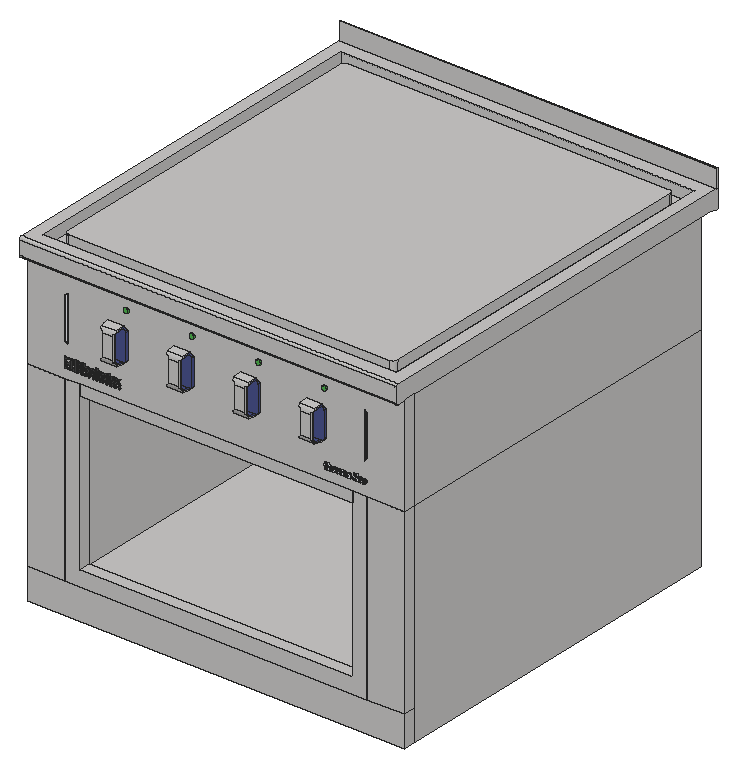
Revit family "QF_ELECTROLUXPROFESSIONAL_588682_MBLCGBHDAO", category Attrezzature speciali, Revit 2021
Family settings
  Quota connettore circolare = Usa diametro
  Tipo di parte = Normale
  Basato su piano di lavoro = No
  Sempre verticale = Sì
  Taglio con vuoti quando caricato = No
  Condiviso = No
  Punto di calcolo locali = No
Parameters (values of type "Standard")
  Weight = 145.00 kg
  Watts = 12000 W
  Volts = 400 V
  URL Manufacturer = "https://www.electroluxprofessional.com/"
  URL = "https://www.electroluxprofessional.com/"
  Steam Supply Size = 0"
  Steam Supply Minimum Pressure = 0.00 psi
  Steam Supply Maximum Pressure = 0.00 psi
  Steam Consumption per Hour = 0
  Refrigeration Suction Line Size = 0 mm
  Refrigeration Liquid Line Size = 0 mm
  Refrigerant Compressor Remote = yes
  Prospetto di default = 0 mm
  Phase = 3
  Modello = "MBLCGBHDAO"
  Produttore = "Electrolux Professional"
  Length Actual = 800 mm  # constant formula
  Item Number = "588682"
  Hot Water Size = 0"
  Height Actual = 700 mm  # constant formula
  HP = "16.1 HP"
  Gas Size = 0"
  Gas KW = 0
  Gas Input Pressure = 0.0 Btu/h
  Direct Waste Size = 0"
  Descrizione = "EL.SOLID TOP,4 ZONE,1S,BSPL,800X850X700H"
  Depth Actual = 850 mm  # constant formula
  Cycle = 50 Hz
  Condensate Return Size = 0"
  Compressed Air Volume = 0 GPM
  Compressed Air Size = 0"
  Compressed Air Pressure = 0.00 psi
  Cold Water Size = 0"
  Accessory = yes
Reference planes
  plane 1 "BACK": y = 50
  plane 2: z = 0
  plane 3 "LEFT": x = 0
  plane 4 "RIGHT": x = 800
  plane 5 "FRONT": y = -800
  plane 6 "TOP": z = 900
  plane 7 "Center (Left/Right)": x = 400
  plane 8: y = -375
  plane 9: z = 200
  plane 10: y = -150
  plane 11 "Panel": y = -755
  plane 12: z = 798
  plane 13: z = 1327
  plane 14: x = 78
  plane 15: x = 722
  plane 16: y = -100
  plane 17: y = -600
  plane 18 "EIx": x = 755
  plane 19 "EIy": y = -585
Forms (mm)
  Extrusion 1, solid, material "QF_Finishes_Stainless Steel"
    sketch origin (-178.969, -4572, 200) x (-1, 0, 0) y (0, -1, 0)
      loop
        line (-178.969, -4577) -> (-178.969, -3817) -> (-978.969, -3817) -> (-978.969, -4577) -> (-178.969, -4577)
    from 450 to 662.969
  Extrusion 2, solid, material "QF_Finishes_Stainless Steel"
    sketch origin (-588.969, -4562, 200) x (-1, 0, 0) y (0, -1, 0)
      loop
        circle (-1343.969, -3977) r 6.35
    from 0 to -11.851
  Extrusion 3, solid, material "QF_Finishes_Stainless Steel"
    sketch origin (400, 296.4, 1219.2) x (0, 1, 0) y (0, 0, 1)
      loop
        line (-246.4, -319.2) -> (-1091.4, -319.2)
        arc (-1091.4, -319.2) -> (-1094.935, -320.664) -> (-1096.4, -324.2) r 5
        line (-1096.4, -324.2) -> (-1096.4, -355.2)
        arc (-1096.4, -355.2) -> (-1094.971, -358.264) -> (-1091.705, -359.139) r 4
        line (-1091.705, -359.139) -> (-1076.4, -356.231) -> (-266.4, -356.231) -> (-251.094, -359.139)
        arc (-251.094, -359.139) -> (-247.829, -358.264) -> (-246.4, -355.2) r 4
        line (-246.4, -355.2) -> (-246.4, -319.2)
    from -400 to 400
  Extrusion 4, solid, material "QF_Finishes_Stainless Steel"
    sketch origin (0, 0, 900) x (-1, 0, 0) y (0, -1, 0)
      loop
        arc (-60, 5) -> (-52.929, 7.929) -> (-50, 15) r 10
        line (-50, 15) -> (-50, 735)
        arc (-50, 735) -> (-52.929, 742.071) -> (-60, 745) r 10
        line (-60, 745) -> (-740, 745)
        arc (-740, 745) -> (-747.071, 742.071) -> (-750, 735) r 10
        line (-750, 735) -> (-750, 15)
        arc (-750, 15) -> (-747.071, 7.929) -> (-740, 5) r 10
        line (-740, 5) -> (-60, 5)
    from 0 to -20
  Extrusion 5, void
    sketch origin (0, 0, 900) x (-1, 0, 0) y (0, -1, 0)
      loop
        line (-25, 770) -> (-775, 770) -> (-775, -20) -> (-25, -20) -> (-25, 770)
    from 0 to -25
  Extrusion 6, solid, material "QF_Finishes_Stainless Steel"
    sketch origin (400, 296.4, 1219.2) x (0, 1, 0) y (0, 0, 1)
      loop
        line (-249.4, -319.2) -> (-246.4, -319.2) -> (-246.4, -281.2) -> (-249.4, -281.2) -> (-249.4, -319.2)
    from -400 to 400
Cuts and joins
  Extrusion 5 cuts Extrusion 3
Lines and regions (mm)
  symbolic lines
    curve 1: line (0, 50, 200) -> (800, 50, 200)
    curve 2: line (0, -800, 200) -> (0, 50, 200)
    curve 3: line (800, -800, 200) -> (0, -800, 200)
    curve 4: line (800, 50, 200) -> (800, -800, 200)
    curve 5: line (740, -5, 200) -> (60, -5, 200)
    curve 6: line (50, -15, 200) -> (50, -735, 200)
    curve 7: line (60, -745, 200) -> (740, -745, 200)
    curve 8: line (750, -735, 200) -> (750, -15, 200)
    curve 9: arc (60, -5, 200) -> (52.929, -7.929, 200) -> (50, -15, 200) r 10
    curve 10: arc (750, -15, 200) -> (747.071, -7.929, 200) -> (740, -5, 200) r 10
    curve 11: arc (740, -745, 200) -> (747.071, -742.071, 200) -> (750, -735, 200) r 10
    curve 12: arc (50, -735, 200) -> (52.929, -742.071, 200) -> (60, -745, 200) r 10
    curve 13: line (0, 47, 0) -> (800, 47, 0)
  model lines, style "SpecialityEquipment"
    curve 14: arc (584.009, -160.989, 900) -> (530.976, -289.022, 900) -> (659.009, -235.989, 900) r 75
    curve 15: line (639.009, -235.989, 900) -> (679.009, -235.989, 900)
    curve 16: line (679.009, -235.989, 900) -> (659.009, -215.989, 900)
    curve 17: line (639.009, -235.989, 900) -> (659.009, -215.989, 900)
    curve 18: arc (216.009, -160.989, 900) -> (162.976, -289.022, 900) -> (291.009, -235.989, 900) r 75
    curve 19: line (271.009, -235.989, 900) -> (311.009, -235.989, 900)
    curve 20: line (311.009, -235.989, 900) -> (291.009, -215.989, 900)
    curve 21: line (271.009, -235.989, 900) -> (291.009, -215.989, 900)
    curve 22: arc (584.009, -488.989, 900) -> (530.976, -617.022, 900) -> (659.009, -563.989, 900) r 75
    curve 23: line (639.009, -563.989, 900) -> (679.009, -563.989, 900)
    curve 24: line (679.009, -563.989, 900) -> (659.009, -543.989, 900)
    curve 25: line (639.009, -563.989, 900) -> (659.009, -543.989, 900)
    curve 26: arc (216.009, -488.989, 900) -> (162.976, -617.022, 900) -> (291.009, -563.989, 900) r 75
    curve 27: line (271.009, -563.989, 900) -> (311.009, -563.989, 900)
    curve 28: line (311.009, -563.989, 900) -> (291.009, -543.989, 900)
    curve 29: line (271.009, -563.989, 900) -> (291.009, -543.989, 900)
Dimensions and locks
  plane 3 "LEFT" to plane 4 "RIGHT" = 800 mm
  plane 5 "FRONT" to plane 1 "BACK" = 850 mm
  equal spacing: plane 3 "LEFT", plane 7 "Center (Left/Right)", plane 4 "RIGHT"
  equal spacing: plane 5 "FRONT", plane 8, plane 1 "BACK"
  plane 6 "TOP" to level = 900 mm  (x2)
  plane 9 to level = 200 mm
  plane 1 "BACK" to plane 10 to plane 11 "Panel" = 200 mm, 605 mm  (x2)
  plane 6 "TOP" to plane 9 to level = 700 mm, 200 mm
  plane 1 "BACK" to plane 5 "FRONT" = 850 mm
  plane 1 "BACK" to Extrusion 2 = 635 mm
  plane 12 to plane 9 = 598 mm
  plane 13 to plane 6 "TOP" = 427 mm
  plane 6 "TOP" to plane 12 = 102 mm
  plane 14 to plane 3 "LEFT" = 78 mm
  plane 15 to plane 4 "RIGHT" = 78 mm
  locked: plane 1 "BACK" to plane 16 at 150
  locked: plane 16 to plane 17 at 500
  plane 11 "Panel" to plane 5 "FRONT" = 45 mm
  plane 18 "EIx" to plane 4 "RIGHT" = 45 mm
  plane 19 "EIy" to plane 1 "BACK" = 635 mm
  aligned and locked: level to plane 2
  aligned and locked: Extrusion 1 to nested 2
Automatic sketch dimensions
  Extrusion 2 sketch curve to plane 18 "EIx" = 0 mm
  Extrusion 2 sketch curve to plane 19 "EIy" = 0 mm
  Extrusion 3 sketch curve to plane 5 "FRONT" = 0 mm
  Extrusion 3 sketch curve to plane 6 "TOP" = 0 mm
  Extrusion 3 sketch curve to plane 1 "BACK" = 0 mm
  Extrusion 3 sketch curve to plane 5 "FRONT" = 4 mm
  Extrusion 3 sketch curve to Extrusion 3 sketch curve = 0.695 mm
  Extrusion 3 sketch curve to plane 5 "FRONT" = 5 mm
  Extrusion 3 sketch curve to Extrusion 3 sketch curve = 15.305 mm
  plane 1 "BACK" to Extrusion 3 sketch curve = 20 mm
  plane 1 "BACK" to Extrusion 3 sketch curve = 4.695 mm
  Extrusion 3 sketch curve to Extrusion 3 sketch curve = 4 mm
  Extrusion 3 sketch curve to Extrusion 3 sketch curve = 31 mm
  Extrusion 3 sketch curve to plane 6 "TOP" = 36 mm
  Extrusion 3 sketch curve to Extrusion 3 sketch curve = 2.909 mm
  Extrusion 4 sketch curve to plane 15 = 28 mm
  plane 14 to Extrusion 4 sketch curve = 28 mm
  Extrusion 4 sketch curve to plane 15 = 18 mm  (x2)
  Extrusion 4 sketch curve to Extrusion 4 sketch curve = 10 mm  (x2)
  plane 10 to Extrusion 4 sketch curve = 145 mm
  plane 17 to Extrusion 4 sketch curve = 135 mm
  Extrusion 5 sketch curve to plane 18 "EIx" = 20 mm
  plane 14 to Extrusion 5 sketch curve = 53 mm
  plane 10 to Extrusion 5 sketch curve = 170 mm
  Extrusion 5 sketch curve to plane 11 "Panel" = 15 mm
  Extrusion 6 sketch curve to plane 6 "TOP" = 0 mm
  Extrusion 6 sketch curve to plane 1 "BACK" = 0 mm
  Extrusion 6 sketch curve to Extrusion 6 sketch curve = 3 mm
  Extrusion 6 sketch curve to Extrusion 6 sketch curve = 38 mm
  Extrusion 1 sketch curve to plane 4 "RIGHT" = 0 mm
  Extrusion 1 sketch curve to plane 3 "LEFT" = 0 mm
  Extrusion 1 sketch curve to plane 11 "Panel" = 0 mm
  plane 1 "BACK" to Extrusion 1 sketch curve = 45 mm
  plane 1 "BACK" to curve 1 = 0 mm
  curve 1 to plane 4 "RIGHT" = 0 mm
  curve 8 to plane 15 = 28 mm
  plane 14 to curve 6 = 28 mm
  curve 2 to plane 3 "LEFT" = 0 mm
  plane 5 "FRONT" to curve 3 = 0 mm
  curve 5 to plane 15 = 18 mm
  curve 11 to curve 11 = 10 mm
  plane 14 to curve 5 = 18 mm
  curve 12 to curve 6 = 10 mm
  plane 10 to curve 5 = 145 mm
  plane 17 to curve 11 = 135 mm
  plane 15 to curve 14 = 137.991 mm
  plane 19 "EIy" to curve 22 = 21.011 mm
  plane 15 to curve 22 = 137.991 mm
  curve 18 to plane 14 = 138.009 mm
  plane 19 "EIy" to curve 26 = 21.011 mm
  curve 26 to plane 14 = 138.009 mm
  curve 14 to plane 10 = 85.989 mm
  curve 18 to plane 10 = 85.989 mm
  plane 15 to curve 16 = 42.991 mm
  plane 15 to curve 24 = 42.991 mm
  curve 23 to curve 24 = 20 mm
  curve 23 to curve 22 = 20 mm
  curve 15 to curve 14 = 20 mm
  curve 17 to curve 14 = 0 mm
  curve 14 to curve 17 = 20 mm
  curve 22 to curve 23 = 20 mm
  curve 28 to plane 7 "Center (Left/Right)" = 88.991 mm
  curve 20 to plane 7 "Center (Left/Right)" = 88.991 mm
  curve 19 to curve 21 = 20 mm
  curve 27 to curve 28 = 20 mm
  curve 27 to curve 26 = 20 mm
  curve 18 to curve 20 = 0 mm
  curve 26 to curve 29 = 20 mm
  curve 18 to curve 21 = 20 mm
  radius of Extrusion 2 sketch curve = 6.35 mm
Nested families
  nested 1: "Front_Panel_W800_4 Knobs_Spie" at (202.376, -755, 0), type "Front_Panel_W800_4 Knobs_Spie"
  nested 2: "QF_ELECTROLUXPROFESSIONAL_588643_MB1NCAHOOO" at (0, 50, 0), type "QF_ELECTROLUXPROFESSIONAL_588643_MB1NCAHOOO"
    with Type Mark "", Specification by User "", Revision Code "", Item Number "", Installed By "", Identify Quantity as Lot yes, Furnished By "", Foodservice Equipment Identifier yes
Connectors
  electrical at (755, -585, 188.149)
    settings: on Extrusion 2, index 1, voltage 400 V, apparent load 33000 VA, apparent load phase1 0 VA, apparent load phase2 0 VA, apparent load phase3 0 VA, power factor 1, load classification "Other", number of poles 1, system type 30, power factor state 1, is connector primary yes, connector utility no, sub classification motor no, connector description "ELECTRICAL CONNECTION"
Definition of nested family "Front_Panel_W800_4 Knobs_Spie"
  Parameters
    Default Elevation = 0 mm
  Reference planes
    plane 1 "Center (Front/Back)": y = 0
    plane 2: z = 0
    plane 3 "Center (Left/Right)": x = 197.624
    plane 4 "Left": x = -202.376
    plane 5 "Right": x = 597.624
    plane 6: y = -45
    plane 7: x = -12.376
    plane 8: x = 127.624
    plane 9 "Panel": y = -25
    plane 10: x = 517.624
    plane 11: x = -122.376
  Forms (mm)
    Extrusion 1, solid
      sketch origin (833.217, 829.203, -1.25) x (0, 1, 0) y (0, 0, 1)
        loop
          line (-854.203, 651.25) -> (-829.203, 651.25) -> (-829.203, 864.25) -> (-854.203, 864.25) -> (-854.203, 651.25)
      from -1035.593 to -235.593
    Extrusion 2, void
      sketch origin (0, -25, -10) x (0, 0, 1) y (-1, 0, 0)
        loop
          line (731.866, 122.376) -> (726.866, 117.376) -> (823.866, 117.376) -> (818.866, 122.376) -> (731.866, 122.376)
        loop
          line (731.866, -517.624) -> (818.866, -517.624) -> (823.866, -512.624) -> (726.866, -512.624) -> (731.866, -517.624)
      from 0 to -2
    Extrusion 3, solid
      sketch origin (20, -25, 1.163) x (0, 0, 1) y (-1, 0, 0)
        loop
          circle (824.337, 12.376) r 5
      from 0 to 1.7
    Extrusion 4, solid
      sketch origin (160, -25, 1.163) x (0, 0, 1) y (-1, 0, 0)
        loop
          circle (824.337, 12.376) r 5
      from 0 to 1.7
    Extrusion 5, solid
      sketch origin (300.724, -25, 1.163) x (0, 0, 1) y (-1, 0, 0)
        loop
          circle (824.337, 12.376) r 5
      from 0 to 1.7
    Extrusion 6, solid
      sketch origin (440.724, -25, 1.163) x (0, 0, 1) y (-1, 0, 0)
        loop
          circle (824.337, 12.376) r 5
      from 0 to 1.7
    Extrusion 7, solid
      sketch origin (0, -25, -10) x (0, 0, 1) y (-1, 0, 0)
        loop
          line (731.866, 122.376) -> (726.866, 117.376) -> (823.866, 117.376) -> (818.866, 122.376) -> (731.866, 122.376)
        loop
          line (726.866, -512.624) -> (731.866, -517.624) -> (818.866, -517.624) -> (823.866, -512.624) -> (726.866, -512.624)
      from 0 to -2
  Cuts and joins
    Extrusion 2 cuts Extrusion 1
  Dimensions and locks
    equal spacing: plane 5 "Right", plane 3 "Center (Left/Right)", plane 4 "Left"
    plane 5 "Right" to plane 4 "Left" = 800 mm
    plane 3 "Center (Left/Right)" to plane 7 = 210 mm
    plane 3 "Center (Left/Right)" to plane 8 = 70 mm
    aligned and locked: cut or joined group of Extrusion 1, Extrusion 2 to plane 4 "Left"
    aligned and locked: plane 5 "Right" to cut or joined group of Extrusion 1, Extrusion 2
  Automatic sketch dimensions
    Extrusion 1 sketch curve to plane 9 "Panel" = 0 mm
    Extrusion 1 sketch curve to plane 1 "Center (Front/Back)" = 0 mm
    Extrusion 2 sketch curve to plane 11 = 0 mm
    Extrusion 2 sketch curve to plane 10 = 0 mm
    Extrusion 2 sketch curve to plane 10 = 5 mm
    plane 11 to Extrusion 2 sketch curve = 5 mm
    Extrusion 2 sketch curve to Extrusion 2 sketch curve = 5 mm  (x4)
    plane 7 to Extrusion 3 sketch curve = 20 mm
    plane 8 to Extrusion 4 sketch curve = 20 mm
    plane 3 "Center (Left/Right)" to Extrusion 5 sketch curve = 90.724 mm
    Extrusion 6 sketch curve to plane 10 = 89.276 mm
    Extrusion 7 sketch curve to plane 11 = 0 mm
    Extrusion 7 sketch curve to plane 10 = 0 mm
    plane 11 to Extrusion 7 sketch curve = 5 mm
    Extrusion 7 sketch curve to Extrusion 7 sketch curve = 5 mm  (x4)
    Extrusion 7 sketch curve to plane 10 = 5 mm
    level to Extrusion 1 sketch curve = 650 mm
    Extrusion 1 sketch curve to Extrusion 1 sketch curve = 213 mm
    level to Extrusion 2 sketch curve = 716.866 mm
    Extrusion 2 sketch curve to Extrusion 2 sketch curve = 0 mm
    Extrusion 2 sketch curve to Extrusion 2 sketch curve = 87 mm  (x2)
    level to Extrusion 3 sketch curve = 825.5 mm
    level to Extrusion 4 sketch curve = 825.5 mm
    level to Extrusion 5 sketch curve = 825.5 mm
    level to Extrusion 6 sketch curve = 825.5 mm
    level to Extrusion 7 sketch curve = 716.866 mm
    Extrusion 7 sketch curve to Extrusion 7 sketch curve = 0 mm
    Extrusion 7 sketch curve to Extrusion 7 sketch curve = 87 mm  (x2)
    radius of Extrusion 3 sketch curve = 5 mm
    radius of Extrusion 4 sketch curve = 5 mm
    radius of Extrusion 5 sketch curve = 5 mm
    radius of Extrusion 6 sketch curve = 5 mm
  Nested families
    nested 1: "Range Control Handle" at (-12.376, -28.137, -209.113) x (-1, 0, 0) z (0, 0, 1), type "Range Control Handle"
    nested 2: "Range Control Handle" at (127.624, -28.137, -209.113) x (-1, 0, 0) z (0, 0, 1), type "Range Control Handle"
    nested 3: "Range Control Handle" at (407.624, -28.137, -209.113), type "Range Control Handle"
    nested 4: "Range Control Handle" at (267.624, -28.137, -209.113), type "Range Control Handle"
    nested 5: "ELX_ThermaLine_Small" at (468.838, -25, 679.426) x (1, 0, 0) z (0, -1, 0), type "ELX_ThermaLine_Small"
      with Show Logo yes, Material_Logo none
    nested 6: "ELX_Professional_Logo_Small" at (-62.89, -25, 681.659) x (1, 0, 0) z (0, -1, 0), type "ELX_Professional_Logo_Small"
      with Show Logo yes, Material_Logo none
  Definition of nested family "Range Control Handle"
    Parameters
      Default Elevation = 0 mm
    Reference planes
      plane 1 "Center (Front/Back)": y = 0
      plane 2: z = 0
      plane 3 "Center (Left/Right)": x = 0
      plane 4: z = 971.092
      plane 5: y = -16.9
    Forms (mm)
      Extrusion 1, solid
        sketch origin (-746.28, 380.497, 208.931) x (-1, 0, 0) y (0, 0, 1)
          loop
            line (-770.101, 786.798) -> (-770.101, 731.649)
            arc (-770.101, 731.649) -> (-769.759, 730.563) -> (-768.855, 729.87) r 1.893
            line (-768.855, 729.87) -> (-763.474, 727.911) -> (-729.81, 727.911) -> (-724.428, 729.87)
            arc (-724.428, 729.87) -> (-723.525, 730.563) -> (-723.183, 731.649) r 1.893
            line (-723.183, 731.649) -> (-723.183, 786.798)
            arc (-723.183, 786.798) -> (-723.529, 787.894) -> (-724.44, 788.593) r 1.91
            line (-724.44, 788.593) -> (-729.683, 790.819) -> (-763.601, 790.819) -> (-768.844, 788.593)
            arc (-768.844, 788.593) -> (-769.755, 787.894) -> (-770.101, 786.798) r 1.91
        from -382.35 to -378.852
      Sweep 2, solid
        path origin (-746.788, 380.496, 208.091) x (0, -1, 0) y (0, 0, 1)
          loop
            line (379.775, 793.281) -> (395.661, 791.048)
            arc (395.661, 791.048) -> (397.781, 787.377) -> (398.517, 783.202) r 12.207
            line (398.517, 783.202) -> (398.517, 737.368)
            arc (398.517, 737.368) -> (397.781, 733.193) -> (395.661, 729.522) r 12.207
            line (395.661, 729.522) -> (379.775, 727.289)
        profile origin (-746.788, -7.222, 1000.256) x (0, -0.139173, 0.990268) y (-1, 0, 0)
          loop
            line (0.782, -763.123) -> (0.782, -730.907) -> (-1.322, -730.907) -> (-1.322, -763.123) -> (0.782, -763.123)
      Sweep 3, solid
        path origin (-746.788, 380.715, 207.832) x (0, -1, 0) y (0, 0, 1)
          loop
            line (380.478, 795.442) -> (397.218, 793.09)
            arc (397.218, 793.09) -> (399.929, 788.473) -> (400.871, 783.202) r 15.207
            line (400.871, 783.202) -> (400.871, 737.584)
            arc (400.871, 737.584) -> (399.914, 732.274) -> (397.164, 727.633) r 15.207
            line (397.164, 727.633) -> (380.601, 725.305)
        profile origin (-746.788, -8.132, 1002.099) x (0, -0.139173, 0.990268) y (-1, 0, 0)
          loop
            line (0.782, -763.123) -> (0.782, -730.907) -> (-1.322, -730.907) -> (-1.322, -763.123) -> (0.782, -763.123)
      Extrusion 4, void
        sketch origin (889.253, 220.666, 207.993) x (1, 0, 0) y (0, 0, 1)
          loop
            line (-943.038, 816.854) -> (-943.038, 703.686) -> (-899.466, 734.196) -> (-899.466, 786.344) -> (-943.038, 816.854)
        from 230.636 to 242.25
      Extrusion 5, void
        sketch origin (-888.8, 220.666, 207.993) x (-1, 0, 0) y (0, 0, -1)
          loop
            line (-943.038, -816.854) -> (-899.466, -786.344) -> (-899.466, -734.196) -> (-943.038, -703.686) -> (-943.038, -816.854)
        from 230.636 to 242.25
      Extrusion 6, solid
        sketch origin (0, 0, 0) x (1, 0, 0) y (0, 0, 1)
          loop
            circle (0, 971.092) r 7.736
        from -3.137 to -1.645
    Cuts and joins
      Extrusion 4, Extrusion 5 cuts Sweep 3
      Extrusion 4, Extrusion 5 cuts Sweep 2
      joined: Extrusion 1, Extrusion 6
    Lines and regions (mm)
      symbolic lines
        curve 1: line (16.334, -16.9, 0) -> (16.334, -19.227, 0)
        curve 2: spline (16.334, -19.227, 0) -> (15.87, -19.385, 0) -> (15.404, -19.536, 0) -> (14.936, -19.678, 0) -> (14.466, -19.813, 0) -> (13.995, -19.94, 0) -> (13.523, -20.059, 0) -> (13.049, -20.171, 0) -> (12.575, -20.274, 0) -> (12.099, -20.37, 0) -> (11.622, -20.458, 0) -> (11.144, -20.537, 0) -> (10.666, -20.609, 0)
        curve 3: line (10.666, -16.9, 0) -> (10.666, -20.938, 0)
        curve 4: line (-10.213, -20.938, 0) -> (10.666, -20.938, 0)
        curve 5: line (-10.213, -20.938, 0) -> (-10.213, -16.9, 0)
        curve 6: spline (-10.213, -20.609, 0) -> (-10.691, -20.537, 0) -> (-11.169, -20.458, 0) -> (-11.646, -20.37, 0) -> (-12.122, -20.274, 0) -> (-12.597, -20.171, 0) -> (-13.07, -20.059, 0) -> (-13.542, -19.94, 0) -> (-14.013, -19.813, 0) -> (-14.483, -19.678, 0) -> (-14.951, -19.536, 0) -> (-15.417, -19.385, 0) -> (-15.881, -19.227, 0)
        curve 7: line (-15.881, -19.227, 0) -> (-15.881, -16.9, 0)
  Definition of nested family "ELX_ThermaLine_Small"
    Parameters
      Show Logo [instance] = yes
      Material_Logo [instance] = none
      Default Elevation = 0 mm
    Reference planes
      plane 1 "Centro (Fronte/Retro)": y = 0
      plane 2: z = 0
      plane 3 "Centro (Sinistra/Destra)": x = 0
    Forms (mm)
      Extrusion 1, solid
        sketch origin (0, 0, 0) x (1, 0, 0) y (0, 1, 0)
          loop
            line (-1219.2, 1219.2) -> (-1219.2, -1219.2) -> (1219.2, -1219.2) -> (1219.2, 1219.2) -> (-1219.2, 1219.2)
        from 0 to -304.8
      Extrusion 2, solid
        sketch origin (0, 0, 0) x (1, 0, 0) y (0, 1, 0)
          loop
            line (-37.494, 1.229) -> (-35.908, 1.229) -> (-35.908, 3.066) -> (-37.494, 3.066) -> (-37.494, 6.221) -> (-39.867, 4.881) -> (-39.867, 3.066) -> (-40.969, 3.066) -> (-40.969, 1.229) -> (-39.867, 1.229) -> (-39.867, -3.407)
            arc (-39.867, -3.407) -> (-38.982, -5.513) -> (-36.751, -6.001) r 2.478
            line (-36.751, -6.001) -> (-35.638, -5.7) -> (-35.9, -3.835) -> (-36.661, -4.039)
            arc (-36.661, -4.039) -> (-37.236, -3.924) -> (-37.494, -3.399) r 0.662
            line (-37.494, -3.399) -> (-37.494, 1.229)
          loop
            line (-34.242, 6.539) -> (-34.242, -5.848) -> (-31.854, -5.848) -> (-31.854, -0.078)
            arc (-31.854, -0.078) -> (-30.939, 1.249) -> (-29.33, 1.367) r 1.866
            arc (-29.33, 1.367) -> (-28.695, 0.768) -> (-28.461, -0.073) r 1.627
            line (-28.461, -0.073) -> (-28.461, -5.848) -> (-26.086, -5.848) -> (-26.064, -0.46)
            arc (-26.064, -0.46) -> (-26.261, 0.932) -> (-26.786, 2.237) r 5.825
            arc (-26.786, 2.237) -> (-29.381, 3.264) -> (-31.854, 1.971) r 3.353
            line (-31.854, 1.971) -> (-31.854, 6.539) -> (-34.242, 6.539)
          loop
            arc (-18.398, -0.598) -> (-18.893, 0.879) -> (-20.326, 1.487) r 1.897
            arc (-20.326, 1.487) -> (-21.461, 0.708) -> (-21.897, -0.598) r 2.164
            line (-21.897, -0.598) -> (-18.398, -0.598)
          loop
            arc (-16.021, -2.044) -> (-16.754, 1.227) -> (-19.444, 3.226) r 4.814
            arc (-19.444, 3.226) -> (-22.137, 2.788) -> (-23.943, 0.743) r 4.054
            arc (-23.943, 0.743) -> (-24.382, -1.249) -> (-24.162, -3.276) r 6.289
            arc (-24.162, -3.276) -> (-23.302, -4.71) -> (-21.958, -5.705) r 4.28
            arc (-21.958, -5.705) -> (-18.558, -5.814) -> (-16.152, -3.409) r 4.28
            line (-16.152, -3.409) -> (-18.5, -2.995)
            arc (-18.5, -2.995) -> (-19.273, -3.994) -> (-20.533, -4.076) r 1.536
            arc (-20.533, -4.076) -> (-21.56, -3.281) -> (-21.958, -2.044) r 2.197
            line (-21.958, -2.044) -> (-16.021, -2.044)
          loop
            line (-14.165, -5.848) -> (-11.819, -5.848) -> (-11.819, -2.138)
            arc (-11.819, -2.138) -> (-11.787, -1.156) -> (-11.637, -0.185) r 8.18
            arc (-11.637, -0.185) -> (-10.644, 0.972) -> (-9.132, 0.776) r 1.603
            line (-9.132, 0.776) -> (-8.419, 2.846)
            arc (-8.419, 2.846) -> (-10.432, 3.118) -> (-11.994, 1.821) r 2.527
            line (-11.994, 1.821) -> (-11.994, 3.094) -> (-14.165, 3.094) -> (-14.165, -5.848)
          loop
            line (-7.579, 3.094) -> (-7.579, -5.848) -> (-5.178, -5.848) -> (-5.178, -0.756)
            arc (-5.178, -0.756) -> (-4.727, 0.679) -> (-3.417, 1.419) r 2.05
            arc (-3.417, 1.419) -> (-2.499, 0.908) -> (-2.155, -0.085) r 1.471
            line (-2.155, -0.085) -> (-2.155, -5.848) -> (0.23, -5.848) -> (0.23, -1.001)
            arc (0.23, -1.001) -> (0.47, 0.127) -> (1.148, 1.061) r 2.775
            arc (1.148, 1.061) -> (2.225, 1.329) -> (3.05, 0.587) r 1.182
            arc (3.05, 0.587) -> (3.199, -0.019) -> (3.214, -0.642) r 2.894
            line (3.214, -0.642) -> (3.214, -5.848) -> (5.601, -5.848) -> (5.601, 0.261)
            arc (5.601, 0.261) -> (4.87, 2.263) -> (2.976, 3.241) r 2.932
            arc (2.976, 3.241) -> (1.284, 2.973) -> (-0.047, 1.896) r 3.309
            arc (-0.047, 1.896) -> (-1.116, 2.865) -> (-2.506, 3.258) r 3.16
            arc (-2.506, 3.258) -> (-4.105, 2.942) -> (-5.376, 1.92) r 3.419
            line (-5.376, 1.92) -> (-5.376, 3.094) -> (-7.579, 3.094)
          loop
            line (7.583, 0.738) -> (9.702, 0.364)
            arc (9.702, 0.364) -> (11.441, 1.492) -> (12.855, -0.023) r 1.613
            line (12.855, -0.023) -> (9.782, -0.789)
            arc (9.782, -0.789) -> (8.559, -1.346) -> (7.617, -2.305) r 3.687
            arc (7.617, -2.305) -> (7.499, -3.681) -> (7.901, -5.003) r 3.651
            arc (7.901, -5.003) -> (9.107, -5.766) -> (10.515, -6.006) r 3.635
            arc (10.515, -6.006) -> (11.898, -5.697) -> (13.067, -4.895) r 3.734
            line (13.067, -4.895) -> (13.376, -5.848) -> (15.75, -5.848) -> (15.212, -4.193) -> (15.212, 0.38)
            arc (15.212, 0.38) -> (14.897, 1.849) -> (13.818, 2.895) r 2.585
            arc (13.818, 2.895) -> (11.792, 3.442) -> (9.719, 3.11) r 5.005
            arc (9.719, 3.11) -> (8.369, 2.178) -> (7.583, 0.738) r 3.54
          loop
            line (19.723, -5.848) -> (22.233, -5.848) -> (24.854, 6.484) -> (22.345, 6.484) -> (19.723, -5.848)
          loop
            line (24.583, -5.848) -> (26.953, -5.848) -> (28.848, 3.066) -> (26.478, 3.066) -> (24.583, -5.848)
          loop
            line (27.204, 6.484) -> (26.741, 4.305) -> (29.111, 4.305) -> (29.575, 6.484) -> (27.204, 6.484)
          loop
            line (29.355, -5.848) -> (31.849, -5.848) -> (33.098, 0.028)
            arc (33.098, 0.028) -> (34.169, 1.306) -> (35.832, 1.422) r 2.132
            arc (35.832, 1.422) -> (36.324, 0.752) -> (36.383, -0.078) r 1.5
            line (36.383, -0.078) -> (35.157, -5.848) -> (37.536, -5.848) -> (38.936, 0.738)
            arc (38.936, 0.738) -> (38.775, 2.091) -> (37.825, 3.066) r 2.118
            arc (37.825, 3.066) -> (35.392, 3.175) -> (33.295, 1.937) r 4.271
            line (33.295, 1.937) -> (33.535, 3.066) -> (31.25, 3.066) -> (29.355, -5.848)
          loop
            line (42.792, -0.64) -> (46.589, -0.64)
            arc (46.589, -0.64) -> (46.639, 0.124) -> (46.327, 0.823) r 1.589
            arc (46.327, 0.823) -> (45.117, 1.521) -> (43.762, 1.183) r 1.865
            arc (43.762, 1.183) -> (43.141, 0.344) -> (42.792, -0.64) r 3.538
          loop
            line (42.565, -2.138) -> (48.593, -2.138)
            arc (48.593, -2.138) -> (48.58, 0.597) -> (46.983, 2.818) r 4.494
            arc (46.983, 2.818) -> (44.191, 3.28) -> (41.725, 1.891) r 4.26
            arc (41.725, 1.891) -> (40.503, -0.3) -> (40.284, -2.799) r 6.003
            arc (40.284, -2.799) -> (40.959, -4.468) -> (42.377, -5.576) r 3.482
            arc (42.377, -5.576) -> (44.265, -5.961) -> (46.152, -5.576) r 4.823
            arc (46.152, -5.576) -> (47.432, -4.731) -> (48.328, -3.485) r 4.245
            line (48.328, -3.485) -> (46.168, -3.105)
            arc (46.168, -3.105) -> (45.214, -4.072) -> (43.859, -4.181) r 1.953
            arc (43.859, -4.181) -> (42.821, -3.408) -> (42.565, -2.138) r 1.81
          loop
            line (12.868, -1.553) -> (10.216, -2.214)
            arc (10.216, -2.214) -> (9.747, -3.136) -> (10.216, -4.058) r 1.14
            arc (10.216, -4.058) -> (11.537, -4.249) -> (12.614, -3.46) r 1.763
            arc (12.614, -3.46) -> (12.858, -2.522) -> (12.868, -1.553) r 3.97
        from 0 to 1.6
    Dimensions and locks
      aligned and locked: plane 2 to Extrusion 1
      aligned and locked: level to Extrusion 1
  Definition of nested family "ELX_Professional_Logo_Small"
    Parameters
      Show Logo [instance] = yes
      Material_Logo [instance] = none
      Default Elevation = 0 mm
    Reference planes
      plane 1 "Centro (Fronte/Retro)": y = 0
      plane 2: z = 0
      plane 3 "Centro (Sinistra/Destra)": x = 0
    Forms (mm)
      Extrusion 1, solid
        sketch origin (0, 0, 0) x (1, 0, 0) y (0, 1, 0)
          loop
            line (-1219.2, 1219.2) -> (-1219.2, -1219.2) -> (1219.2, -1219.2) -> (1219.2, 1219.2) -> (-1219.2, 1219.2)
        from 0 to -304.8
      Extrusion 2, solid, material <- "Material_Logo"
        sketch origin (15.5, 0, 0) x (1, 0, 0) y (0, 1, 0)
          loop
            spline (-42.99, -1.24) -> (-43.195, -1.231) -> (-43.415, -1.203) -> (-43.642, -1.152) -> (-43.87, -1.074) -> (-44.095, -0.966) -> (-44.309, -0.825) -> (-44.506, -0.647) -> (-44.681, -0.429) -> (-44.828, -0.167) -> (-44.94, 0.142) -> (-45.011, 0.501) -> (-45.037, 0.915)
            line (-45.037, 0.915) -> (-45.037, 2.748) -> (-38.984, 2.748) -> (-38.984, 5.086) -> (-45.038, 5.086) -> (-45.038, 8.489) -> (-38.599, 8.489) -> (-38.599, 10.82) -> (-47.515, 10.82) -> (-47.515, 1.021)
            spline (-47.515, 1.021) -> (-47.493, 0.418) -> (-47.425, -0.15) -> (-47.311, -0.682) -> (-47.15, -1.175) -> (-46.939, -1.628) -> (-46.678, -2.038) -> (-46.365, -2.404) -> (-46, -2.723) -> (-45.58, -2.995) -> (-45.105, -3.216) -> (-44.573, -3.385) -> (-43.983, -3.499)
            line (-43.983, -3.499) -> (-43.01, -3.569) -> (-38.426, -3.569) -> (-38.426, -1.24) -> (-42.99, -1.24)
          loop
            line (-36.666, 4.021) -> (-36.666, -3.573) -> (-34.188, -3.573) -> (-34.188, 10.824) -> (-36.666, 10.824) -> (-36.666, 4.021)
          loop
            spline (-21.915, 1.897) -> (-21.957, 2.615) -> (-22.082, 3.303) -> (-22.285, 3.955) -> (-22.563, 4.564) -> (-22.913, 5.124) -> (-23.331, 5.629) -> (-23.814, 6.074) -> (-24.359, 6.451) -> (-24.961, 6.755) -> (-25.618, 6.98) -> (-26.326, 7.119) -> (-27.081, 7.167)
            spline (-27.081, 7.167) -> (-27.853, 7.122) -> (-28.586, 6.99) -> (-29.275, 6.774) -> (-29.915, 6.478) -> (-30.5, 6.104) -> (-31.024, 5.657) -> (-31.483, 5.138) -> (-31.871, 4.553) -> (-32.182, 3.904) -> (-32.411, 3.194) -> (-32.552, 2.427) -> (-32.6, 1.606)
            spline (-32.6, 1.606) -> (-32.553, 0.805) -> (-32.416, 0.057) -> (-32.193, -0.637) -> (-31.887, -1.271) -> (-31.504, -1.843) -> (-31.048, -2.35) -> (-30.523, -2.788) -> (-29.934, -3.154) -> (-29.284, -3.444) -> (-28.579, -3.656) -> (-27.822, -3.785) -> (-27.019, -3.829)
            spline (-27.019, -3.829) -> (-26.627, -3.82) -> (-26.239, -3.79) -> (-25.856, -3.739) -> (-25.477, -3.663) -> (-25.103, -3.562) -> (-24.734, -3.432) -> (-24.369, -3.273) -> (-24.01, -3.082) -> (-23.655, -2.858) -> (-23.305, -2.597) -> (-22.96, -2.299) -> (-22.621, -1.962)
            line (-22.621, -1.962) -> (-24.114, -0.509)
            spline (-24.114, -0.509) -> (-24.311, -0.699) -> (-24.509, -0.872) -> (-24.71, -1.03) -> (-24.915, -1.172) -> (-25.126, -1.297) -> (-25.346, -1.407) -> (-25.576, -1.5) -> (-25.817, -1.576) -> (-26.072, -1.636) -> (-26.342, -1.678) -> (-26.629, -1.704) -> (-26.936, -1.713)
            spline (-26.936, -1.713) -> (-27.384, -1.691) -> (-27.805, -1.625) -> (-28.196, -1.518) -> (-28.556, -1.372) -> (-28.882, -1.187) -> (-29.174, -0.966) -> (-29.429, -0.71) -> (-29.645, -0.422) -> (-29.821, -0.102) -> (-29.955, 0.247) -> (-30.045, 0.623) -> (-30.089, 1.026)
            line (-30.089, 1.026) -> (-21.956, 1.026) -> (-21.915, 1.897)
          loop
            spline (-24.446, 2.769) -> (-24.47, 3.075) -> (-24.54, 3.37) -> (-24.654, 3.65) -> (-24.807, 3.913) -> (-24.996, 4.156) -> (-25.219, 4.376) -> (-25.472, 4.57) -> (-25.753, 4.736) -> (-26.057, 4.869) -> (-26.382, 4.968) -> (-26.724, 5.03) -> (-27.081, 5.051)
            spline (-27.081, 5.051) -> (-27.464, 5.03) -> (-27.832, 4.97) -> (-28.183, 4.872) -> (-28.513, 4.74) -> (-28.819, 4.577) -> (-29.099, 4.384) -> (-29.347, 4.165) -> (-29.563, 3.923) -> (-29.742, 3.659) -> (-29.881, 3.377) -> (-29.977, 3.079) -> (-30.027, 2.769)
            line (-30.027, 2.769) -> (-24.446, 2.769)
          loop
            spline (-18.167, 1.669) -> (-18.138, 2.13) -> (-18.055, 2.567) -> (-17.921, 2.978) -> (-17.739, 3.358) -> (-17.512, 3.705) -> (-17.243, 4.016) -> (-16.937, 4.287) -> (-16.596, 4.517) -> (-16.223, 4.7) -> (-15.823, 4.835) -> (-15.398, 4.919) -> (-14.951, 4.947)
            spline (-14.951, 4.947) -> (-14.677, 4.938) -> (-14.414, 4.913) -> (-14.162, 4.871) -> (-13.921, 4.812) -> (-13.69, 4.738) -> (-13.467, 4.649) -> (-13.254, 4.544) -> (-13.048, 4.424) -> (-12.85, 4.291) -> (-12.659, 4.143) -> (-12.474, 3.981) -> (-12.295, 3.806)
            line (-12.295, 3.806) -> (-10.76, 5.403)
            spline (-10.76, 5.403) -> (-11.065, 5.709) -> (-11.38, 5.984) -> (-11.703, 6.228) -> (-12.035, 6.443) -> (-12.375, 6.63) -> (-12.723, 6.788) -> (-13.078, 6.92) -> (-13.44, 7.026) -> (-13.809, 7.107) -> (-14.184, 7.164) -> (-14.564, 7.198) -> (-14.951, 7.209)
            spline (-14.951, 7.209) -> (-15.725, 7.161) -> (-16.467, 7.02) -> (-17.169, 6.792) -> (-17.826, 6.482) -> (-18.43, 6.096) -> (-18.976, 5.637) -> (-19.455, 5.112) -> (-19.862, 4.525) -> (-20.19, 3.882) -> (-20.433, 3.189) -> (-20.584, 2.449) -> (-20.635, 1.669)
            spline (-20.635, 1.669) -> (-20.584, 0.889) -> (-20.433, 0.149) -> (-20.19, -0.545) -> (-19.862, -1.187) -> (-19.455, -1.774) -> (-18.976, -2.299) -> (-18.43, -2.758) -> (-17.826, -3.145) -> (-17.169, -3.454) -> (-16.467, -3.682) -> (-15.725, -3.823) -> (-14.951, -3.871)
            spline (-14.951, -3.871) -> (-14.564, -3.86) -> (-14.184, -3.826) -> (-13.809, -3.77) -> (-13.44, -3.689) -> (-13.078, -3.583) -> (-12.723, -3.451) -> (-12.375, -3.292) -> (-12.035, -3.105) -> (-11.703, -2.89) -> (-11.38, -2.646) -> (-11.065, -2.371) -> (-10.76, -2.066)
            line (-10.76, -2.066) -> (-12.295, -0.468)
            spline (-12.295, -0.468) -> (-12.474, -0.643) -> (-12.659, -0.805) -> (-12.85, -0.953) -> (-13.048, -1.087) -> (-13.254, -1.206) -> (-13.467, -1.311) -> (-13.69, -1.4) -> (-13.921, -1.475) -> (-14.162, -1.533) -> (-14.414, -1.575) -> (-14.677, -1.6) -> (-14.951, -1.609)
            spline (-14.951, -1.609) -> (-15.398, -1.581) -> (-15.823, -1.497) -> (-16.223, -1.362) -> (-16.596, -1.179) -> (-16.937, -0.95) -> (-17.243, -0.678) -> (-17.512, -0.367) -> (-17.739, -0.02) -> (-17.921, 0.36) -> (-18.055, 0.771) -> (-18.138, 1.208) -> (-18.167, 1.669)
          loop
            spline (-4.441, -1.243) -> (-4.659, -1.247) -> (-4.894, -1.23) -> (-5.137, -1.19) -> (-5.384, -1.121) -> (-5.628, -1.021) -> (-5.864, -0.884) -> (-6.084, -0.708) -> (-6.283, -0.488) -> (-6.454, -0.219) -> (-6.592, 0.101) -> (-6.69, 0.478) -> (-6.742, 0.914)
            line (-6.742, 0.914) -> (-6.742, 4.587) -> (-4.487, 4.587) -> (-4.487, 6.838) -> (-6.738, 6.838) -> (-6.738, 10.824) -> (-9.217, 10.824) -> (-9.217, 0.773)
            spline (-9.217, 0.773) -> (-9.164, 0.19) -> (-9.068, -0.358) -> (-8.928, -0.87) -> (-8.742, -1.343) -> (-8.511, -1.777) -> (-8.232, -2.168) -> (-7.904, -2.515) -> (-7.527, -2.816) -> (-7.098, -3.069) -> (-6.618, -3.273) -> (-6.084, -3.426) -> (-5.496, -3.525)
            line (-5.496, -3.525) -> (-4.45, -3.573) -> (-4.441, -1.243)
          loop
            spline (3.898, 6.983) -> (3.469, 7.009) -> (3.056, 7.001) -> (2.661, 6.961) -> (2.283, 6.888) -> (1.925, 6.785) -> (1.588, 6.652) -> (1.272, 6.49) -> (0.979, 6.301) -> (0.71, 6.085) -> (0.465, 5.844) -> (0.247, 5.578) -> (0.056, 5.289)
            line (0.056, 5.289) -> (0.056, 6.838) -> (-2.402, 6.838) -> (-2.402, -3.572) -> (0.056, -3.572) -> (0.056, 1.901)
            spline (0.056, 1.901) -> (0.079, 2.316) -> (0.145, 2.703) -> (0.254, 3.06) -> (0.404, 3.386) -> (0.592, 3.679) -> (0.818, 3.938) -> (1.08, 4.162) -> (1.375, 4.348) -> (1.703, 4.495) -> (2.062, 4.602) -> (2.45, 4.668) -> (2.865, 4.69)
            line (2.865, 4.69) -> (3.898, 4.586) -> (3.898, 6.983)
          loop
            spline (15.638, 1.633) -> (15.586, 2.396) -> (15.435, 3.124) -> (15.192, 3.81) -> (14.863, 4.449) -> (14.455, 5.034) -> (13.975, 5.56) -> (13.43, 6.021) -> (12.826, 6.411) -> (12.17, 6.724) -> (11.469, 6.955) -> (10.729, 7.098) -> (9.958, 7.147)
            spline (9.958, 7.147) -> (9.182, 7.098) -> (8.44, 6.955) -> (7.737, 6.724) -> (7.081, 6.411) -> (6.477, 6.021) -> (5.933, 5.56) -> (5.454, 5.034) -> (5.048, 4.449) -> (4.721, 3.81) -> (4.479, 3.124) -> (4.329, 2.396) -> (4.277, 1.633)
            spline (4.277, 1.633) -> (4.329, 0.869) -> (4.479, 0.141) -> (4.721, -0.544) -> (5.048, -1.183) -> (5.454, -1.768) -> (5.933, -2.294) -> (6.477, -2.755) -> (7.081, -3.145) -> (7.737, -3.459) -> (8.44, -3.69) -> (9.182, -3.833) -> (9.958, -3.882)
            spline (9.958, -3.882) -> (10.729, -3.833) -> (11.469, -3.69) -> (12.17, -3.459) -> (12.826, -3.145) -> (13.43, -2.755) -> (13.975, -2.294) -> (14.455, -1.768) -> (14.863, -1.183) -> (15.192, -0.544) -> (15.435, 0.141) -> (15.586, 0.869) -> (15.638, 1.633)
          loop
            spline (13.18, 1.633) -> (13.151, 2.083) -> (13.067, 2.513) -> (12.932, 2.918) -> (12.748, 3.296) -> (12.52, 3.642) -> (12.251, 3.954) -> (11.943, 4.227) -> (11.601, 4.459) -> (11.228, 4.645) -> (10.828, 4.782) -> (10.403, 4.867) -> (9.958, 4.896)
            spline (9.958, 4.896) -> (9.509, 4.867) -> (9.081, 4.782) -> (8.679, 4.645) -> (8.306, 4.459) -> (7.964, 4.227) -> (7.658, 3.954) -> (7.39, 3.642) -> (7.163, 3.296) -> (6.981, 2.918) -> (6.847, 2.513) -> (6.765, 2.083) -> (6.736, 1.633)
            spline (6.736, 1.633) -> (6.765, 1.182) -> (6.847, 0.753) -> (6.981, 0.347) -> (7.163, -0.031) -> (7.39, -0.377) -> (7.658, -0.689) -> (7.964, -0.962) -> (8.306, -1.193) -> (8.679, -1.38) -> (9.081, -1.517) -> (9.509, -1.602) -> (9.958, -1.631)
            spline (9.958, -1.631) -> (10.403, -1.602) -> (10.828, -1.517) -> (11.228, -1.38) -> (11.601, -1.193) -> (11.943, -0.962) -> (12.251, -0.689) -> (12.52, -0.377) -> (12.748, -0.031) -> (12.932, 0.347) -> (13.067, 0.753) -> (13.151, 1.182) -> (13.18, 1.633)
          loop
            line (17.162, 4.269) -> (17.162, -3.573) -> (19.642, -3.573) -> (19.642, 10.824) -> (17.162, 10.824) -> (17.162, 4.269)
          loop
            line (28.581, 6.838) -> (28.581, 0.786)
            spline (28.581, 0.786) -> (28.561, 0.393) -> (28.503, 0.038) -> (28.409, -0.279) -> (28.281, -0.559) -> (28.122, -0.802) -> (27.933, -1.011) -> (27.717, -1.185) -> (27.476, -1.325) -> (27.213, -1.433) -> (26.929, -1.509) -> (26.626, -1.554) -> (26.308, -1.569)
            spline (26.308, -1.569) -> (25.99, -1.554) -> (25.688, -1.509) -> (25.404, -1.434) -> (25.141, -1.326) -> (24.9, -1.187) -> (24.684, -1.014) -> (24.496, -0.807) -> (24.336, -0.565) -> (24.209, -0.288) -> (24.115, 0.026) -> (24.057, 0.376) -> (24.037, 0.765)
            line (24.037, 0.765) -> (24.037, 6.838) -> (21.537, 6.838) -> (21.537, 0.558)
            spline (21.537, 0.558) -> (21.581, -0.153) -> (21.71, -0.8) -> (21.916, -1.384) -> (22.195, -1.904) -> (22.54, -2.362) -> (22.944, -2.757) -> (23.403, -3.09) -> (23.909, -3.362) -> (24.456, -3.572) -> (25.04, -3.722) -> (25.652, -3.811) -> (26.288, -3.841)
            spline (26.288, -3.841) -> (26.929, -3.811) -> (27.547, -3.72) -> (28.135, -3.568) -> (28.687, -3.355) -> (29.197, -3.079) -> (29.66, -2.741) -> (30.068, -2.341) -> (30.415, -1.877) -> (30.696, -1.349) -> (30.905, -0.757) -> (31.034, -0.101) -> (31.079, 0.621)
            line (31.079, 0.621) -> (31.079, 6.838) -> (28.581, 6.838)
          loop
            line (40.457, -0.243) -> (38.894, 1.942) -> (40.83, 4.579) -> (42.488, 6.837) -> (39.782, 6.837) -> (37.53, 3.719) -> (35.258, 6.837) -> (32.573, 6.837) -> (34.113, 4.731) -> (36.167, 1.922) -> (34.014, -1.076) -> (32.222, -3.573) -> (34.887, -3.573) -> (37.53, 0.104) -> (40.174, -3.573) -> (42.839, -3.573) -> (40.457, -0.243)
          loop
            line (-46.121, -5.837) -> (-48.039, -5.837) -> (-48.039, -10.814) -> (-47.016, -10.814) -> (-47.016, -9.128) -> (-46.121, -9.128)
            arc (-46.121, -9.128) -> (-44.476, -7.482) -> (-46.121, -5.837) r 1.645
          loop
            line (-46.163, -6.778) -> (-47.016, -6.778) -> (-47.016, -8.187) -> (-46.163, -8.187)
            arc (-46.163, -8.187) -> (-45.458, -7.482) -> (-46.163, -6.778) r 0.704
          loop
            line (-38.313, -5.837) -> (-40.265, -5.837) -> (-40.265, -10.814) -> (-39.241, -10.814) -> (-39.241, -9.1) -> (-38.46, -9.182) -> (-37.48, -10.814) -> (-36.318, -10.814) -> (-37.513, -8.848)
            arc (-37.513, -8.848) -> (-36.888, -8.266) -> (-36.671, -7.441) r 1.536
            arc (-36.671, -7.441) -> (-37.165, -6.305) -> (-38.313, -5.837) r 1.643
          loop
            arc (-38.402, -8.166) -> (-37.707, -7.505) -> (-38.334, -6.778) r 0.696
            line (-38.334, -6.778) -> (-39.241, -6.778) -> (-39.241, -8.166) -> (-38.402, -8.166)
          loop
            circle (-29.965, -8.325) r 2.585
          loop
            circle (-29.965, -8.325) r 1.64
          loop
            line (-23.1, -5.837) -> (-23.1, -10.814) -> (-22.076, -10.814) -> (-22.076, -8.768) -> (-20.204, -8.768) -> (-20.204, -7.828) -> (-22.076, -7.828) -> (-22.076, -6.778) -> (-20.024, -6.778) -> (-20.024, -5.837) -> (-23.1, -5.837)
          loop
            line (-15.802, -5.837) -> (-15.802, -9.2)
            arc (-15.802, -9.2) -> (-15.343, -10.34) -> (-14.209, -10.814) r 1.593
            line (-14.209, -10.814) -> (-12.602, -10.814) -> (-12.602, -10.027) -> (-14.004, -10.027)
            arc (-14.004, -10.027) -> (-14.552, -9.8) -> (-14.779, -9.252) r 0.775
            line (-14.779, -9.252) -> (-14.779, -8.424) -> (-12.789, -8.424) -> (-12.789, -7.642) -> (-14.779, -7.642) -> (-14.779, -6.778) -> (-12.651, -6.778) -> (-12.651, -5.837) -> (-15.802, -5.837)
          loop
            line (-5.909, -7.143) -> (-5.173, -6.638)
            arc (-5.173, -6.638) -> (-5.855, -5.974) -> (-6.781, -5.755) r 1.782
            arc (-6.781, -5.755) -> (-7.397, -5.878) -> (-7.944, -6.189) r 1.974
            arc (-7.944, -6.189) -> (-8.202, -6.5) -> (-8.317, -6.888) r 1.013
            arc (-8.317, -6.888) -> (-8.306, -7.341) -> (-8.192, -7.78) r 1.985
            arc (-8.192, -7.78) -> (-7.749, -8.259) -> (-7.171, -8.563) r 1.928
            arc (-7.171, -8.563) -> (-6.637, -8.779) -> (-6.131, -9.056) r 5.041
            arc (-6.131, -9.056) -> (-5.934, -9.387) -> (-6.09, -9.74) r 0.42
            arc (-6.09, -9.74) -> (-6.631, -9.96) -> (-7.204, -9.845) r 1.016
            arc (-7.204, -9.845) -> (-7.625, -9.603) -> (-7.889, -9.196) r 1.033
            line (-7.889, -9.196) -> (-8.67, -9.686)
            arc (-8.67, -9.686) -> (-8.361, -10.198) -> (-7.908, -10.589) r 1.914
            arc (-7.908, -10.589) -> (-7.334, -10.834) -> (-6.714, -10.896) r 2.063
            arc (-6.714, -10.896) -> (-5.947, -10.743) -> (-5.256, -10.376) r 2.696
            arc (-5.256, -10.376) -> (-4.95, -9.565) -> (-5.108, -8.712) r 1.618
            arc (-5.108, -8.712) -> (-5.448, -8.319) -> (-5.884, -8.035) r 1.876
            arc (-5.884, -8.035) -> (-6.434, -7.789) -> (-6.999, -7.577) r 9.883
            arc (-6.999, -7.577) -> (-7.325, -7.07) -> (-6.854, -6.694) r 0.45
            arc (-6.854, -6.694) -> (-6.329, -6.809) -> (-5.909, -7.143) r 1.197
          loop
            line (1.61, -7.143) -> (2.345, -6.638)
            arc (2.345, -6.638) -> (1.663, -5.974) -> (0.737, -5.755) r 1.782
            arc (0.737, -5.755) -> (0.121, -5.878) -> (-0.425, -6.189) r 1.974
            arc (-0.425, -6.189) -> (-0.683, -6.5) -> (-0.799, -6.888) r 1.013
            arc (-0.799, -6.888) -> (-0.788, -7.341) -> (-0.674, -7.78) r 1.985
            arc (-0.674, -7.78) -> (-0.231, -8.259) -> (0.347, -8.563) r 1.928
            arc (0.347, -8.563) -> (0.881, -8.779) -> (1.387, -9.056) r 5.041
            arc (1.387, -9.056) -> (1.584, -9.387) -> (1.428, -9.74) r 0.42
            arc (1.428, -9.74) -> (0.887, -9.96) -> (0.314, -9.845) r 1.016
            arc (0.314, -9.845) -> (-0.107, -9.603) -> (-0.371, -9.196) r 1.033
            line (-0.371, -9.196) -> (-1.152, -9.686)
            arc (-1.152, -9.686) -> (-0.842, -10.198) -> (-0.39, -10.589) r 1.914
            arc (-0.39, -10.589) -> (0.184, -10.834) -> (0.804, -10.896) r 2.063
            arc (0.804, -10.896) -> (1.572, -10.743) -> (2.263, -10.376) r 2.696
            arc (2.263, -10.376) -> (2.568, -9.565) -> (2.411, -8.712) r 1.618
            arc (2.411, -8.712) -> (2.07, -8.319) -> (1.635, -8.035) r 1.876
            arc (1.635, -8.035) -> (1.084, -7.789) -> (0.519, -7.577) r 9.883
            arc (0.519, -7.577) -> (0.193, -7.07) -> (0.665, -6.694) r 0.45
            arc (0.665, -6.694) -> (1.189, -6.809) -> (1.61, -7.143) r 1.197
          loop
            line (6.801, -5.837) -> (6.801, -10.814) -> (7.825, -10.814) -> (7.825, -5.837) -> (6.801, -5.837)
          loop
            circle (14.724, -8.325) r 1.548
          loop
            circle (14.724, -8.325) r 2.585
          loop
            line (21.59, -10.814) -> (22.623, -10.814) -> (22.623, -7.685) -> (24.9, -10.814) -> (25.895, -10.814) -> (25.895, -5.837) -> (24.861, -5.837) -> (24.861, -9.061) -> (22.585, -5.837) -> (21.59, -5.837) -> (21.59, -10.814)
          loop
            line (31.054, -10.814) -> (31.539, -9.74) -> (33.38, -9.74) -> (33.865, -10.814) -> (34.965, -10.814) -> (32.46, -5.837) -> (29.956, -10.814) -> (31.054, -10.814)
          loop
            line (32.46, -7.698) -> (31.999, -8.719) -> (32.921, -8.719) -> (32.46, -7.698)
          loop
            line (40.047, -9.873) -> (40.047, -5.837) -> (39.024, -5.837) -> (39.024, -10.814) -> (41.961, -10.814) -> (41.961, -9.873) -> (40.047, -9.873)
          loop
            line (-74.986, -10.814) -> (-53.322, -10.814) -> (-53.322, 10.82) -> (-74.986, 10.82) -> (-74.986, -10.814)
          loop
            line (-61.261, 9.758) -> (-61.261, -9.707)
            arc (-61.261, -9.707) -> (-54.066, 0.025) -> (-61.261, 9.758) r 10.18
          loop
            line (-62.251, 8.349) -> (-62.251, 9.758)
            arc (-62.251, 9.758) -> (-70.347, 7.918) -> (-74.247, 0.59) r 9.976
            line (-74.247, 0.59) -> (-71.026, 0.59)
            arc (-71.026, 0.59) -> (-65.274, 2.925) -> (-62.251, 8.349) r 9.351
          loop
            arc (-74.247, -0.539) -> (-70.353, -7.928) -> (-62.251, -9.957) r 10.237
            line (-62.251, -9.957) -> (-62.251, -8.298)
            arc (-62.251, -8.298) -> (-65.274, -2.874) -> (-71.026, -0.539) r 9.351
            line (-71.026, -0.539) -> (-74.247, -0.539)
        from 0 to 1.644
    Dimensions and locks
      aligned and locked: plane 2 to Extrusion 1
      aligned and locked: level to Extrusion 1
Definition of nested family "QF_ELECTROLUXPROFESSIONAL_588643_MB1NCAHOOO"
  Parameters
    Weight in Pounds = 143.3
    URL Cutsheet = ""
    Type Mark [instance] = ""
    Specification by User [instance] = ""
    Specification by Manufacturer = ""
    Serial Number = ""
    Seismic Rating = ""
    SMACNA No = ""
    Revision Code [instance] = ""
    Default Elevation = 0 mm
    Omniclass Number and Title = ""
    NAFEM Spec ID Number = ""
    Model = "588643"
    Masterspec = ""
    Manufacturer = "Electrolux Professional"
    Item Number [instance] = ""
    Installed By [instance] = ""
    Identify Quantity as Lot [instance] = yes
    Furnished By [instance] = ""
    Foodservice Equipment Identifier [instance] = yes
    Description = ""
    CSI MasterFormat = ""
    CSI Master Format = ""
  Reference planes
    plane 1 "BACK": y = 0
    plane 2: z = 0
    plane 3 "LEFT": x = 0
    plane 4 "RIGHT": x = 800
    plane 5 "FRONT": y = -850
    plane 6 "PLAIN": z = 900
    plane 7 "Center (Left/Right)": x = 400
    plane 8 "Center (Front/Back)": y = -425
    plane 9 "TOP": z = 650
    plane 10 "BASE": z = 200
    plane 11: x = 722
    plane 12: x = 78
    plane 13 "Feet_back": y = -150
    plane 14 "Feet_Front": y = -720
    plane 15: x = 80
    plane 16: x = 720
    plane 17: z = 265
    plane 18: y = -45
    plane 19: y = -805
    plane 20: y = -70
    plane 21: y = -830
    plane 22 "ButtonZ": z = 590
  Forms (mm)
    Extrusion 1, solid
      sketch origin (0, 0, 650) x (0, 1, 0) y (0, 0, 1)
        loop
          line (-45, -450) -> (-45, 0) -> (-805, 0) -> (-805, -450) -> (-45, -450)
      from 0 to 800
    Extrusion 2, solid
      sketch origin (0, 0, 650) x (0, 1, 0) y (0, 0, 1)
        loop
          line (-830, -450) -> (-805, -450) -> (-805, -385) -> (-830, -385) -> (-830, -450)
      from 0 to 800
    Extrusion 3, void
      sketch origin (0, -850, 0) x (1, 0, 0) y (0, 0, 1)
        loop
          line (80, 650) -> (80, 265) -> (720, 265) -> (720, 650) -> (80, 650)
      from 0 to -780
    Extrusion 4, solid
      sketch origin (0, -850, 0) x (1, 0, 0) y (0, 0, 1)
        loop
          line (110, 650) -> (110, 627) -> (690, 627) -> (690, 650) -> (110, 650)
      from -20 to -805
    Extrusion 5, solid
      sketch origin (0, -850, 0) x (1, 0, 0) y (0, 0, 1)
        loop
          line (80, 650) -> (80, 265) -> (720, 265) -> (720, 650) -> (690, 650) -> (690, 295) -> (110, 295) -> (110, 650) -> (80, 650)
      from -45 to -780
    Extrusion 6, solid
      sketch origin (0, -850, 0) x (1, 0, 0) y (0, 0, 1)
        loop
          line (0, 650) -> (0, 265) -> (80, 265) -> (80, 650) -> (0, 650)
      from -20 to -45
    Extrusion 7, solid
      sketch origin (0, -850, 0) x (1, 0, 0) y (0, 0, 1)
        loop
          line (720, 650) -> (720, 265) -> (800, 265) -> (800, 650) -> (720, 650)
      from -20 to -45
    Extrusion 8, solid
      sketch origin (85, -850, 0) x (1, 0, 0) y (0, 0, 1)
        loop
          line (-5, 650) -> (-5, 265) -> (635, 265) -> (635, 650) -> (605, 650) -> (605, 297) -> (25, 297) -> (25, 650) -> (-5, 650)
      from -20 to -45
  Cuts and joins
    Extrusion 3 cuts Extrusion 1
    joined: Extrusion 1, Extrusion 4, Extrusion 5
  Lines and regions (mm)
    symbolic lines
      curve 1: line (0, 0, 0) -> (800, 0, 0)
      curve 2: line (0, -850, 0) -> (0, 0, 0)
      curve 3: line (800, -850, 0) -> (0, -850, 0)
      curve 4: line (800, 0, 0) -> (800, -850, 0)
  Dimensions and locks
    plane 3 "LEFT" to plane 4 "RIGHT" = 800 mm
    plane 5 "FRONT" to plane 1 "BACK" = 850 mm
    equal spacing: plane 3 "LEFT", plane 7 "Center (Left/Right)", plane 4 "RIGHT"
    equal spacing: plane 5 "FRONT", plane 8 "Center (Front/Back)", plane 1 "BACK"
    plane 6 "PLAIN" to plane 9 "TOP" = 250 mm
    plane 10 "BASE" to level = 200 mm
    plane 9 "TOP" to plane 10 "BASE" = 450 mm
    locked: plane 1 "BACK" to plane 13 "Feet_back" at 150
    locked: plane 14 "Feet_Front" to plane 5 "FRONT" at 130
    locked: plane 12 to plane 3 "LEFT" at 78
    locked: plane 11 to plane 4 "RIGHT" at 78
    plane 16 to plane 15 = 640 mm
    equal spacing: plane 16, plane 7 "Center (Left/Right)", plane 15
    locked: plane 17 to plane 10 "BASE" at 65
    locked: plane 1 "BACK" to plane 18 at 45
    plane 9 "TOP" to Extrusion 4 sketch curve = 23 mm
    locked: Extrusion 4 sketch curve to plane 15 at 30
    locked: plane 16 to Extrusion 4 sketch curve at 30
    locked: Extrusion 5 sketch curve to plane 17 at 30
    plane 6 "PLAIN" to level = 900 mm
    Extrusion 5 to Extrusion 5 = 580 mm
    locked: plane 18 to plane 20 at 25
    locked: plane 21 to plane 5 "FRONT" at 20
    locked: plane 19 to plane 21 at 25
    plane 18 to plane 21 = 785 mm
    plane 22 "ButtonZ" to level = 590 mm
    aligned and locked: level to plane 2
    aligned and locked: Extrusion 1 to plane 4 "RIGHT"
    aligned and locked: Extrusion 1 to plane 3 "LEFT"
    aligned and locked: Extrusion 2 to plane 4 "RIGHT"
    aligned and locked: plane 9 "TOP" to Extrusion 3 sketch curve
    aligned and locked: Extrusion 3 sketch curve to plane 15
    aligned and locked: plane 16 to Extrusion 3 sketch curve
    aligned and locked: Extrusion 2 to plane 10 "BASE"
    aligned and locked: Extrusion 2 to plane 17
    aligned and locked: plane 17 to Extrusion 3 sketch curve
    aligned and locked: Extrusion 4 to plane 18
    aligned and locked: Extrusion 5 sketch curve to plane 15
    aligned and locked: plane 16 to Extrusion 5 sketch curve
    aligned and locked: plane 9 "TOP" to Extrusion 5 sketch curve  (x2)
    aligned and locked: plane 17 to Extrusion 5 sketch curve
    aligned and locked: Extrusion 5 sketch curve to Extrusion 4  (x2)
    aligned and locked: Extrusion 6 sketch curve to plane 9 "TOP"
    aligned and locked: plane 3 "LEFT" to Extrusion 6 sketch curve
    aligned and locked: Extrusion 6 sketch curve to plane 17
    aligned and locked: Extrusion 6 sketch curve to plane 15
    aligned and locked: Extrusion 7 sketch curve to plane 9 "TOP"
    aligned and locked: plane 16 to Extrusion 7 sketch curve
    aligned and locked: Extrusion 7 sketch curve to plane 17
    aligned and locked: plane 4 "RIGHT" to Extrusion 7 sketch curve
    aligned and locked: Extrusion 5 to plane 20
    aligned and locked: cut or joined group of Extrusion 1, Extrusion 3, Extrusion 4, Extrusion 5 to plane 20
    aligned and locked: cut or joined group of Extrusion 1, Extrusion 3, Extrusion 4, Extrusion 5 to plane 18
    aligned and locked: Extrusion 6 to plane 19
    aligned and locked: plane 21 to Extrusion 6
    aligned and locked: plane 21 to Extrusion 7
    aligned and locked: Extrusion 7 to plane 19
    aligned and locked: Extrusion 2 to plane 19
    aligned and locked: plane 21 to Extrusion 2
    aligned and locked: plane 19 to cut or joined group of Extrusion 1, Extrusion 3, Extrusion 4, Extrusion 5
    aligned and locked: Extrusion 8 sketch curve to plane 16
    aligned and locked: plane 15 to Extrusion 8 sketch curve
    aligned and locked: Extrusion 8 sketch curve to plane 17
    aligned and locked: plane 21 to cut or joined group of Extrusion 1, Extrusion 3, Extrusion 4, Extrusion 5
  Automatic sketch dimensions
    curve 3 to plane 3 "LEFT" = 0 mm
    curve 3 to plane 4 "RIGHT" = 0 mm
    plane 5 "FRONT" to curve 3 = 0 mm
    plane 1 "BACK" to curve 2 = 0 mm
    Extrusion 1 sketch curve to plane 10 "BASE" = 0 mm
    plane 19 to Extrusion 1 sketch curve = 0 mm
    Extrusion 1 sketch curve to plane 18 = 0 mm
    Extrusion 1 sketch curve to plane 9 "TOP" = 0 mm
    plane 17 to Extrusion 2 sketch curve = 0 mm
    Extrusion 2 sketch curve to plane 21 = 0 mm
    Extrusion 2 sketch curve to plane 10 "BASE" = 0 mm
    Extrusion 2 sketch curve to plane 19 = 0 mm
    Extrusion 4 sketch curve to plane 9 "TOP" = 0 mm
    Extrusion 8 sketch curve to plane 9 "TOP" = 0 mm  (x2)
    plane 15 to Extrusion 8 sketch curve = 30 mm
    Extrusion 8 sketch curve to plane 16 = 30 mm
    Extrusion 8 sketch curve to plane 17 = 32 mm
